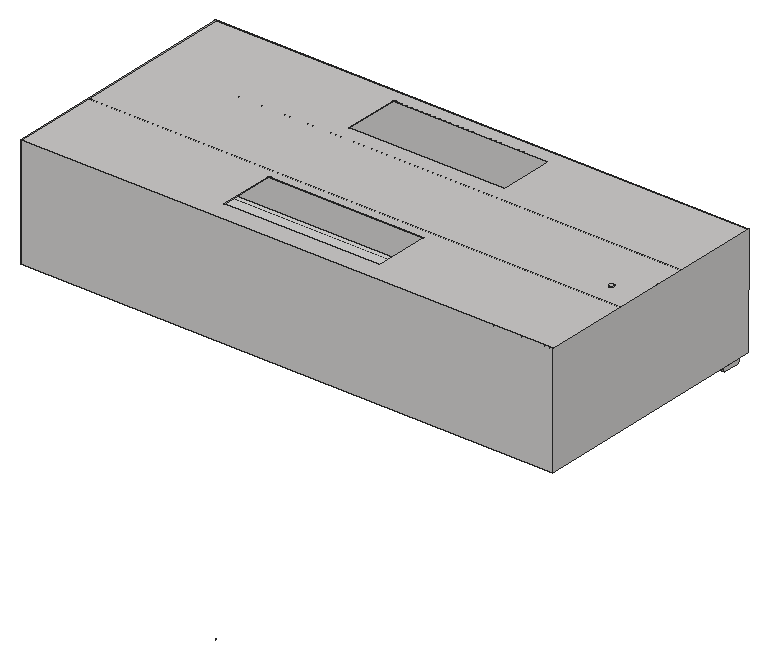
Revit family "QF_ELECTROLUXPROFESSIONAL_641252_STPF1124", category Specialty Equipment, Revit 2014
Reference planes
  plane 1: z = 0
  plane 2 "Center (Left/Right)": x = 150
  plane 3 "LEFT": x = -1050
  plane 4 "RIGHT": x = 1350
  plane 5 "BACK": y = 550
  plane 6 "TOP": z = 2500
  plane 7 "Base": z = 2000
  plane 8: z = 1955
  plane 9 "DrainY": y = 490
  plane 10: x = -1047
  plane 11 "DrainX": x = 1230
  plane 12 "AOLeft2": x = 500
  plane 13: x = 1347
  plane 14: x = -850
  plane 15: x = 1150
  plane 16 "Center (Front/Back)": y = -100
  plane 17 "Front": y = -550
  plane 18 "AOLeft1": x = -200
  plane 19: y = -464
  plane 20: y = -214
  plane 21: y = 240
  plane 22: y = 490
  plane 23 "EI_y": y = -70
  plane 24 "EIx": x = 1230
Forms (mm)
  Extrusion 1, solid, material "QF_Finishes_Stainless Steel"
    sketch origin (-1050, 0, 360) x (0, 1, 0) y (0, 0, 1)
      loop
        line (550, 1640) -> (550, 2140) -> (-550, 2140) -> (-550, 1640) -> (550, 1640)
    from 0 to 3
  Extrusion 2, solid, material "QF_Finishes_Stainless Steel"
    sketch origin (1350, 0, 360) x (0, 1, 0) y (0, 0, 1)
      loop
        line (550, 1640) -> (550, 2140) -> (-550, 2140) -> (-550, 1640) -> (550, 1640)
    from 0 to -3
  Extrusion 3, solid, material "QF_Finishes_Stainless Steel"
    sketch origin (150, 0, 360) x (0, 1, 0) y (0, 0, 1)
      loop
        line (-550, 2140) -> (-550, 1640) -> (-540, 1640) -> (-540, 1640.8) -> (-549.2, 1640.8) -> (-549.2, 2139.19) -> (549.2, 2139.19) -> (549.2, 1640.8) -> (540, 1640.8) -> (540, 1640) -> (550, 1640) -> (550, 2140) -> (-550, 2140)
    from -1200 to 1200
  Extrusion 4, solid, material "QF_Finishes_Stainless Steel"
    sketch origin (0, 0, 2000) x (0, 1, 0) y (-1, 0, 0)
      loop
        circle (490, -1230) r 4.763
    from -30 to 0
  Extrusion 5, void
    sketch origin (0, 0, 2500) x (0, 1, 0) y (-1, 0, 0)
      loop
        line (-214, -500) -> (-214, 200) -> (-464, 200) -> (-464, -500) -> (-214, -500)
    from 0 to -10
  Extrusion 6, solid, material "QF_Finishes_Stainless Steel"
    sketch origin (0, 0, 0) x (1, 0, 0) y (0, 1, 0)
      loop
        line (-1050, 550) -> (-1050, 549) -> (-1049, 549) -> (-1049, 550) -> (-1050, 550)
    from 0 to 1
  Extrusion 7, solid, material "QF_LAMPS"
    sketch origin (150, 0, 360) x (0, 1, 0) y (0, 0, 1)
      loop
        line (-172.823, 1962.324) -> (-18.948, 2086.929) -> (-27.129, 2097.032) -> (-181.003, 1972.426) -> (-172.823, 1962.324)
    from 1197 to -1197
  Sweep 8, solid, material "QF_Finishes_Stainless Steel"
    path origin (0, 0, 0) x (1, 0, 0) y (0, 1, 0)
      loop
        line (1350, 550) -> (-1050, 550) -> (-1050, -550) -> (1350, -550) -> (1350, 550)
    profile origin (1350, 0, 0) x (1, 0, 0) y (0, 0, 1)
      loop
        line (-3, 2000) -> (-3, 2000.8) -> (-19, 2000.8) -> (-19, 2010) -> (-20, 2010) -> (-20, 2000) -> (-3, 2000)
  Extrusion 9, solid, material "QF_Finishes_Stainless Steel"
    sketch origin (150, 0, 0) x (0, 1, 0) y (0, 0, 1)
      loop
        line (414.66, 2095.469) -> (440.643, 2110.471) -> (261.744, 2411.771) -> (235.948, 2396.455) -> (414.66, 2095.469)
    from -1197 to -1000
  Extrusion 10, solid, material "QF_Finishes_Stainless Steel"
    sketch origin (1230, 0, 0) x (0, 1, 0) y (0, 0, 1)
      loop
        line (539, 2000) -> (441, 2000) -> (441, 1989) -> (448.5, 1989) -> (448.5, 1965)
        arc (448.5, 1965) -> (451.429, 1957.929) -> (458.5, 1955) r 10
        line (458.5, 1955) -> (521.5, 1955)
        arc (521.5, 1955) -> (528.571, 1957.929) -> (531.5, 1965) r 10
        line (531.5, 1965) -> (531.5, 1989) -> (539, 1989) -> (539, 2000)
    from 90 to -90
  Extrusion 11, solid, material "QF_Finishes_Stainless Steel"
    sketch origin (150, 0, 0) x (0, 1, 0) y (0, 0, 1)
      loop
        line (414.66, 2095.469) -> (440.643, 2110.471) -> (261.744, 2411.771) -> (235.948, 2396.455) -> (414.66, 2095.469)
    from 1000 to 1197
  Extrusion 12, solid, material "QF_Finished_Chrome"
    sketch origin (150, 0, 0) x (0, 1, 0) y (0, 0, 1)
      loop
        line (414.66, 2095.469) -> (440.643, 2110.471) -> (261.744, 2411.771) -> (235.948, 2396.455) -> (414.66, 2095.469)
    from -1000 to 1000
  Extrusion 13, void
    sketch origin (0, 1180, 2500) x (0, 1, 0) y (-1, 0, 0)
      loop
        line (-690, -500) -> (-690, 200) -> (-940, 200) -> (-940, -500) -> (-690, -500)
    from 0 to -10
  Extrusion 14, solid, material "QF_Finishes_Stainless Steel"
    sketch origin (0, 0, 2500) x (0, 1, 0) y (-1, 0, 0)
      loop
        circle (-70, -1230) r 10
    from 0 to 1.6
  Extrusion 15, solid, material "QF_Finishes_Stainless Steel"
    sketch origin (150, 0, 360) x (0, 1, 0) y (0, 0, 1)
      loop
        line (430.005, 1640) -> (540, 1640) -> (540, 1640.8) -> (430.467, 1640.8) -> (371.906, 1742.23) -> (414.858, 1734.657) -> (442.266, 1750.481) -> (442.266, 1765.943) -> (441.466, 1765.943) -> (441.466, 1750.943) -> (414.709, 1735.495) -> (321.153, 1751.991) -> (320.875, 1750.416) -> (371.4, 1741.507) -> (430.005, 1640)
      loop
        line (172.529, 2139.19) -> (242.893, 2017.316) -> (245.133, 2018.715) -> (240.13, 2027.381) -> (238.569, 2026.405) -> (173.453, 2139.19) -> (172.529, 2139.19)
    from -1197 to 1197
  Extrusion 16, solid, material "QF_Finishes_Stainless Steel"
    sketch origin (150, 200.8, 360) x (0, 1, 0) y (0, 0, 1)
      loop
        line (-750, 2139.19) -> (-750, 1640) -> (-686.602, 1640) -> (-599.146, 1690.493) -> (-610.058, 1709.394) -> (-666.564, 1676.77) -> (-714.704, 1680.982) -> (-749.2, 1730.248) -> (-749.2, 2139.19) -> (-750, 2139.19)
      loop
        line (-373.6, 1961.694) -> (-381.937, 1971.99) -> (-369.095, 1982.182) -> (-369.095, 2139.19) -> (-369.895, 2139.19) -> (-369.895, 1982.569) -> (-682.298, 1734.63) -> (-671.091, 1720.79) -> (-373.6, 1961.694)
      loop
        line (-227.61, 2099.216) -> (-218.171, 2087.559) -> (-154.411, 2139.19) -> (-155.682, 2139.19) -> (-218.052, 2088.684) -> (-226.989, 2099.719) -> (-227.61, 2099.216)
    from -1197 to 1197
  Extrusion 17, solid, material "QF_Finishes_Stainless Steel"
    sketch origin (0, 0, 2500) x (0, 1, 0) y (-1, 0, 0)
      loop
        circle (-70, -1230) r 10
    from 0 to 1.6
Cuts and joins
  Extrusion 5, Extrusion 13 cuts Extrusion 3
  joined: Extrusion 2, Extrusion 3, Sweep 8
Lines and regions (mm)
  symbolic lines, style "SpecialityEquipment", detail levels coarse
    curve 1: line (1350, 550, 2500) -> (-1050, 550, 2500)
    curve 2: line (-1050, 550, 2500) -> (-1050, -550, 2500)
    curve 3: line (1350, -550, 2500) -> (1350, 550, 2500)
    curve 4: line (-1050, 550, 0) -> (1350, -550, 0)
    curve 5: line (1350, 550, 0) -> (-1050, -550, 0)
    curve 6: line (-1050, -550, 0) -> (1350, -550, 0)
  symbolic lines, detail levels coarse
    curve 7: line (-200, 240, 2500) -> (500, 240, 2500)
    curve 8: line (-200, 490, 2500) -> (-200, 240, 2500)
    curve 9: line (500, 490, 2500) -> (-200, 490, 2500)
    curve 10: line (500, 240, 2500) -> (500, 490, 2500)
    curve 11: line (-200, -214, 2500) -> (500, -214, 2500)
    curve 12: line (-200, -464, 2500) -> (-200, -214, 2500)
    curve 13: line (500, -464, 2500) -> (-200, -464, 2500)
    curve 14: line (500, -214, 2500) -> (500, -464, 2500)
Dimensions and locks
  plane 3 "LEFT" to plane 4 "RIGHT" = 2400 mm
  equal spacing: plane 3 "LEFT", plane 2 "Center (Left/Right)", plane 4 "RIGHT"
  plane 7 "Base" to plane 8 = 45 mm
  plane 5 "BACK" to plane 9 "DrainY" = 60 mm  (x2)
  plane 3 "LEFT" to plane 10 = 3 mm
  plane 11 "DrainX" to plane 4 "RIGHT" = 120 mm
  plane 13 to plane 4 "RIGHT" = 3 mm
  plane 3 "LEFT" to plane 14 = 200 mm
  plane 15 to plane 4 "RIGHT" = 200 mm
  locked: plane 7 "Base" to level at 2000
  locked: plane 6 "TOP" to plane 7 "Base" at 500
  locked: plane 20 to plane 19 at 250
  locked: plane 19 to plane 17 "Front" at 86
  locked: plane 22 to plane 21 at 250
  locked: plane 5 "BACK" to plane 22 at 60
  locked: plane 23 "EI_y" to plane 17 "Front" at 480
  locked: plane 24 "EIx" to plane 4 "RIGHT" at 120
  locked: plane 18 "AOLeft1" to plane 12 "AOLeft2" at 700
  equal spacing: plane 18 "AOLeft1", plane 2 "Center (Left/Right)", plane 12 "AOLeft2"
  locked: plane 5 "BACK" to plane 17 "Front" at 1100
  plane 5 "BACK" to plane 17 "Front" = 1100 mm
  aligned and locked: level to plane 1
  aligned and locked: plane 4 "RIGHT" to Extrusion 3
  aligned and locked: Extrusion 3 to plane 3 "LEFT"
  aligned and locked: Extrusion 2 to plane 13
  aligned and locked: Extrusion 9 to plane 10
  aligned and locked: Extrusion 5 to plane 18 "AOLeft1"
  aligned and locked: Extrusion 5 to plane 12 "AOLeft2"
  aligned and locked: plane 14 to Extrusion 9
  aligned and locked: plane 15 to Extrusion 11
  aligned and locked: plane 13 to Extrusion 11
  aligned and locked: Extrusion 12 to plane 14
  aligned and locked: Extrusion 12 to plane 15
  aligned and locked: plane 13 to Extrusion 7
  aligned and locked: Extrusion 7 to plane 10
  aligned and locked: Extrusion 13 to plane 21
  aligned and locked: plane 22 to Extrusion 13
  aligned and locked: Extrusion 13 to plane 18 "AOLeft1"
  aligned and locked: Extrusion 13 to plane 12 "AOLeft2"
  aligned and locked: Extrusion 15 to plane 10
  aligned and locked: plane 13 to Extrusion 15
  aligned and locked: Extrusion 5 to plane 19
  aligned and locked: plane 20 to Extrusion 5
  aligned and locked: Extrusion 16 to Extrusion 1
  aligned and locked: plane 13 to Extrusion 16
Automatic sketch dimensions
  curve 6 to plane 3 "LEFT" = 0 mm
  curve 4 to plane 3 "LEFT" = 0 mm
  curve 5 to plane 4 "RIGHT" = 0 mm
  curve 6 to plane 4 "RIGHT" = 0 mm
  curve 4 to plane 17 "Front" = 0 mm
  curve 4 to plane 5 "BACK" = 0 mm
  curve 5 to plane 5 "BACK" = 0 mm
  Extrusion 1 sketch curve to plane 7 "Base" = 0 mm
  Extrusion 1 sketch curve to plane 17 "Front" = 0 mm
  Extrusion 1 sketch curve to plane 5 "BACK" = 0 mm
  Extrusion 1 sketch curve to plane 6 "TOP" = 0 mm
  Extrusion 2 sketch curve to plane 7 "Base" = 0 mm
  Extrusion 2 sketch curve to plane 17 "Front" = 0 mm
  Extrusion 2 sketch curve to plane 5 "BACK" = 0 mm
  Extrusion 2 sketch curve to plane 6 "TOP" = 0 mm
  Extrusion 3 sketch curve to plane 6 "TOP" = 0 mm
  Extrusion 3 sketch curve to plane 17 "Front" = 0 mm
  Extrusion 3 sketch curve to plane 7 "Base" = 0 mm  (x2)
  Extrusion 3 sketch curve to plane 5 "BACK" = 0 mm
  plane 17 "Front" to Extrusion 3 sketch curve = 0.8 mm
  Extrusion 3 sketch curve to Extrusion 3 sketch curve = 9.2 mm
  plane 7 "Base" to Extrusion 3 sketch curve = 0.8 mm  (x2)
  Extrusion 3 sketch curve to plane 5 "BACK" = 10 mm
  Extrusion 3 sketch curve to plane 5 "BACK" = 0.8 mm
  Extrusion 3 sketch curve to plane 6 "TOP" = 0.81 mm
  Extrusion 4 sketch curve to plane 9 "DrainY" = 0 mm
  Extrusion 4 sketch curve to plane 11 "DrainX" = 0 mm
  Extrusion 5 sketch curve to plane 12 "AOLeft2" = 0 mm
  Extrusion 5 sketch curve to plane 18 "AOLeft1" = 0 mm
  plane 19 to Extrusion 5 sketch curve = 0 mm
  Extrusion 5 sketch curve to plane 23 "EI_y" = 144 mm
  Extrusion 6 sketch curve to plane 3 "LEFT" = 0 mm
  Extrusion 6 sketch curve to plane 5 "BACK" = 0 mm
  plane 3 "LEFT" to Extrusion 6 sketch curve = 1 mm
  Extrusion 6 sketch curve to Extrusion 6 sketch curve = 1 mm
  plane 20 to Extrusion 7 sketch curve = 32.997 mm
  Extrusion 7 sketch curve to Extrusion 7 sketch curve = 8.181 mm  (x2)
  plane 23 "EI_y" to Extrusion 7 sketch curve = 42.871 mm
  Extrusion 7 sketch curve to plane 6 "TOP" = 177.676 mm
  Extrusion 7 sketch curve to Extrusion 7 sketch curve = 10.102 mm
  Extrusion 7 sketch curve to plane 6 "TOP" = 53.071 mm
  Extrusion 7 sketch curve to Extrusion 7 sketch curve = 10.103 mm
  Sweep 8 sketch curve to plane 3 "LEFT" = 0 mm
  Sweep 8 sketch curve to plane 4 "RIGHT" = 0 mm
  Sweep 8 sketch curve to plane 17 "Front" = 0 mm
  Sweep 8 sketch curve to plane 5 "BACK" = 0 mm
  profile plane to Sweep 8 sketch curve = 20 mm
  Sweep 8 sketch curve to Sweep 8 sketch curve = 1 mm
  profile plane to Sweep 8 sketch curve = 3 mm
  level to Sweep 8 sketch curve = 2000 mm
  Sweep 8 sketch curve to Sweep 8 sketch curve = 0.8 mm
  Sweep 8 sketch curve to Sweep 8 sketch curve = 9.2 mm
  Extrusion 9 sketch curve to plane 21 = 4.052 mm
  plane 21 to Extrusion 9 sketch curve = 21.744 mm
  Extrusion 9 sketch curve to plane 9 "DrainY" = 75.34 mm
  Extrusion 9 sketch curve to Extrusion 9 sketch curve = 25.983 mm
  plane 7 "Base" to Extrusion 9 sketch curve = 95.469 mm
  Extrusion 9 sketch curve to Extrusion 9 sketch curve = 15.001 mm
  Extrusion 9 sketch curve to plane 6 "TOP" = 103.545 mm
  Extrusion 9 sketch curve to Extrusion 9 sketch curve = 15.316 mm
  Extrusion 10 sketch curve to plane 8 = 0 mm
  Extrusion 10 sketch curve to plane 7 "Base" = 11 mm  (x2)
  Extrusion 10 sketch curve to plane 9 "DrainY" = 49 mm
  Extrusion 10 sketch curve to Extrusion 10 sketch curve = 7.5 mm  (x2)
  Extrusion 10 sketch curve to Extrusion 10 sketch curve = 10 mm
  Extrusion 10 sketch curve to plane 5 "BACK" = 28.5 mm
  Extrusion 10 sketch curve to plane 5 "BACK" = 18.5 mm
  plane 7 "Base" to Extrusion 10 sketch curve = 0 mm
  Extrusion 11 sketch curve to plane 21 = 4.052 mm
  plane 21 to Extrusion 11 sketch curve = 21.744 mm
  Extrusion 11 sketch curve to plane 9 "DrainY" = 75.34 mm
  Extrusion 11 sketch curve to Extrusion 11 sketch curve = 25.983 mm
  plane 7 "Base" to Extrusion 11 sketch curve = 95.469 mm
  Extrusion 11 sketch curve to Extrusion 11 sketch curve = 15.001 mm
  Extrusion 11 sketch curve to plane 6 "TOP" = 103.545 mm
  Extrusion 11 sketch curve to Extrusion 11 sketch curve = 15.316 mm
  Extrusion 12 sketch curve to plane 21 = 4.052 mm
  plane 21 to Extrusion 12 sketch curve = 21.744 mm
  Extrusion 12 sketch curve to plane 9 "DrainY" = 75.34 mm
  Extrusion 12 sketch curve to Extrusion 12 sketch curve = 25.983 mm
  plane 7 "Base" to Extrusion 12 sketch curve = 95.469 mm
  Extrusion 12 sketch curve to Extrusion 12 sketch curve = 15.001 mm
  Extrusion 12 sketch curve to plane 6 "TOP" = 103.545 mm
  Extrusion 12 sketch curve to Extrusion 12 sketch curve = 15.316 mm
  Extrusion 13 sketch curve to plane 12 "AOLeft2" = 0 mm
  Extrusion 13 sketch curve to plane 21 = 0 mm
  Extrusion 13 sketch curve to plane 9 "DrainY" = 0 mm
  Extrusion 13 sketch curve to plane 18 "AOLeft1" = 0 mm
  Extrusion 14 sketch curve to plane 23 "EI_y" = 0 mm
  Extrusion 14 sketch curve to plane 24 "EIx" = 0 mm
  Extrusion 15 sketch curve to plane 7 "Base" = 0 mm
  Extrusion 15 sketch curve to plane 6 "TOP" = 0.81 mm
  Extrusion 15 sketch curve to plane 21 = 67.471 mm
  Extrusion 15 sketch curve to Extrusion 15 sketch curve = 0.924 mm
  Extrusion 15 sketch curve to plane 21 = 1.431 mm
  plane 21 to Extrusion 15 sketch curve = 0.13 mm
  plane 21 to Extrusion 15 sketch curve = 2.893 mm
  Extrusion 15 sketch curve to Extrusion 15 sketch curve = 2.24 mm
  plane 21 to Extrusion 15 sketch curve = 80.875 mm
  Extrusion 15 sketch curve to Extrusion 15 sketch curve = 0.278 mm
  Extrusion 15 sketch curve to Extrusion 15 sketch curve = 50.525 mm
  Extrusion 15 sketch curve to Extrusion 15 sketch curve = 0.506 mm
  Extrusion 15 sketch curve to Extrusion 15 sketch curve = 42.803 mm
  Extrusion 15 sketch curve to Extrusion 15 sketch curve = 0.148 mm
  Extrusion 15 sketch curve to plane 9 "DrainY" = 59.995 mm
  plane 7 "Base" to Extrusion 15 sketch curve = 0.8 mm
  Extrusion 15 sketch curve to Extrusion 15 sketch curve = 0.462 mm  (x2)
  Extrusion 15 sketch curve to Extrusion 15 sketch curve = 109.533 mm
  Extrusion 15 sketch curve to Extrusion 15 sketch curve = 26.757 mm
  Extrusion 15 sketch curve to Extrusion 15 sketch curve = 0.8 mm
  plane 7 "Base" to Extrusion 15 sketch curve = 94.657 mm
  Extrusion 15 sketch curve to Extrusion 15 sketch curve = 0.838 mm
  Extrusion 15 sketch curve to Extrusion 15 sketch curve = 6.012 mm
  Extrusion 15 sketch curve to Extrusion 15 sketch curve = 0.723 mm
  Extrusion 15 sketch curve to Extrusion 15 sketch curve = 14.986 mm
  Extrusion 15 sketch curve to Extrusion 15 sketch curve = 15 mm
  Extrusion 15 sketch curve to plane 6 "TOP" = 122.684 mm
  Extrusion 15 sketch curve to Extrusion 15 sketch curve = 1.399 mm
  Extrusion 15 sketch curve to Extrusion 15 sketch curve = 9.089 mm
  Extrusion 15 sketch curve to Extrusion 15 sketch curve = 0.975 mm
  Extrusion 16 sketch curve to plane 7 "Base" = 0 mm
  Extrusion 16 sketch curve to Extrusion 16 sketch curve = 0.8 mm  (x2)
  plane 7 "Base" to Extrusion 16 sketch curve = 40.982 mm
  Extrusion 16 sketch curve to Extrusion 16 sketch curve = 35.296 mm
  Extrusion 16 sketch curve to Extrusion 16 sketch curve = 28.102 mm
  plane 7 "Base" to Extrusion 16 sketch curve = 94.63 mm
  Extrusion 16 sketch curve to Extrusion 16 sketch curve = 32.405 mm
  plane 7 "Base" to Extrusion 16 sketch curve = 80.79 mm
  Extrusion 16 sketch curve to Extrusion 16 sketch curve = 11.207 mm
  plane 7 "Base" to Extrusion 16 sketch curve = 36.77 mm
  Extrusion 16 sketch curve to Extrusion 16 sketch curve = 20.038 mm
  plane 7 "Base" to Extrusion 16 sketch curve = 69.394 mm
  Extrusion 16 sketch curve to Extrusion 16 sketch curve = 61.033 mm
  plane 7 "Base" to Extrusion 16 sketch curve = 50.493 mm
  Extrusion 16 sketch curve to Extrusion 16 sketch curve = 10.912 mm
  Extrusion 16 sketch curve to plane 6 "TOP" = 168.01 mm
  Extrusion 16 sketch curve to Extrusion 16 sketch curve = 228.121 mm
  Extrusion 16 sketch curve to plane 6 "TOP" = 178.306 mm
  Extrusion 16 sketch curve to Extrusion 16 sketch curve = 8.337 mm
  Extrusion 16 sketch curve to plane 6 "TOP" = 157.431 mm
  Extrusion 16 sketch curve to Extrusion 16 sketch curve = 12.042 mm
  Extrusion 16 sketch curve to plane 6 "TOP" = 157.818 mm
  Extrusion 16 sketch curve to plane 6 "TOP" = 40.784 mm
  Extrusion 16 sketch curve to Extrusion 16 sketch curve = 141.485 mm
  Extrusion 16 sketch curve to plane 6 "TOP" = 40.281 mm
  Extrusion 16 sketch curve to Extrusion 16 sketch curve = 0.622 mm
  Extrusion 16 sketch curve to plane 6 "TOP" = 52.441 mm
  Extrusion 16 sketch curve to plane 6 "TOP" = 51.316 mm
  Extrusion 16 sketch curve to plane 6 "TOP" = 0.81 mm  (x3)
  Extrusion 16 sketch curve to Extrusion 16 sketch curve = 62.37 mm
  Extrusion 16 sketch curve to Extrusion 16 sketch curve = 1.271 mm
  Extrusion 16 sketch curve to Extrusion 16 sketch curve = 49.266 mm
  Extrusion 17 sketch curve to plane 23 "EI_y" = 0 mm
  Extrusion 17 sketch curve to plane 24 "EIx" = 0 mm
  plane 17 "Front" to Extrusion 16 sketch curve = 0.8 mm
  curve 2 to plane 3 "LEFT" = 0 mm
  curve 2 to plane 17 "Front" = 0 mm
  curve 3 to plane 4 "RIGHT" = 0 mm
  curve 3 to plane 17 "Front" = 0 mm
  curve 13 to plane 18 "AOLeft1" = 0 mm
  curve 13 to plane 19 = 0 mm
  curve 14 to plane 12 "AOLeft2" = 0 mm
  curve 14 to plane 20 = 0 mm
  curve 7 to plane 18 "AOLeft1" = 0 mm
  curve 7 to plane 21 = 0 mm
  curve 8 to plane 9 "DrainY" = 0 mm
  curve 2 to plane 5 "BACK" = 0 mm
  curve 10 to plane 12 "AOLeft2" = 0 mm
  radius of Extrusion 4 sketch curve = 4.763 mm
  radius of Extrusion 14 sketch curve = 10 mm
  radius of Extrusion 17 sketch curve = 10 mm
Connectors
  piping at (1230, 490, 1970), diameter 9.5
    settings: on Extrusion 4, index 1, connector inside diameter 609.6 mm, connector length 0 mm, flow factor 0, pipe flow 0.0 L/s, pressure drop 0.0 Pa, fitting loss kfactor 0, connector angle 0.00°, fixture units 0, engagement length 0 mm, angle of deflection 0.00°, flow configuration 1, flow direction 2, fitting loss method 0, system type 16, joint type 0, gender type 0, connector reference index -1, connector utility 0, adjustable connector no, is connector primary yes, connector description "Drain"
  hvac at (150, -339, 2500)
    settings: on Extrusion 5, index 2, duct flow 0.0 L/s, flow factor 0, pres drop 0.0 Pa, loss coef 0, conn angle 0.00°, conn width 250 mm, conn height 700 mm, conn diameter 609.6 mm, duct sys type 1, conn prof type 1, flow config 1, flow direction 1, loss method 0, conn ref index -1, conn util no, is conn primary yes, conn desc "AIR INLET"
  hvac at (150, 365, 2500)
    settings: on Extrusion 13, index 4, duct flow 0.0 L/s, flow factor 0, pres drop 0.0 Pa, loss coef 0, conn angle 0.00°, conn width 250 mm, conn height 700 mm, conn diameter 609.6 mm, duct sys type 3, conn prof type 1, flow config 1, flow direction 2, loss method 0, conn ref index -1, conn util no, is conn primary no, conn desc "EXHAUST OUTLET"
  electrical at (1230, -70, 2501.6)
    settings: on Extrusion 14, index 6, voltage 0 V, apparent load 0 VA, apparent load phase1 0 VA, apparent load phase2 0 VA, apparent load phase3 0 VA, power factor 1, load classification "Other", number of poles 1, system type 30, power factor state 1, is connector primary yes, connector utility no, sub classification motor no, connector description "Electrical Connection"
  electrical at (1230, -70, 2501.6)
    settings: on Extrusion 17, index 12, voltage 0 V, apparent load 0 VA, apparent load phase1 0 VA, apparent load phase2 0 VA, apparent load phase3 0 VA, power factor 1, load classification "Other", number of poles 1, system type 30, power factor state 1, is connector primary no, connector utility no, sub classification motor no, connector description ""
